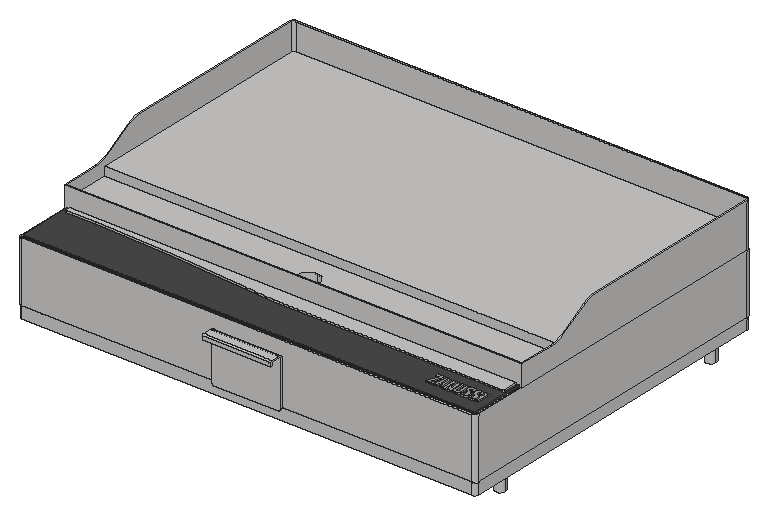
Revit family "QF_ZANUSSI_602351_Z1IREDOMES", category Specialty Equipment, Revit 2023
Family settings
  Round Connector Dimension = Use Diameter
  Part Type = Normal
  Work Plane-Based = No
  Enable Cutting in Views = No
  Always vertical = Yes
  Cut with Voids When Loaded = No
  Maintain Annotation Orientation = No
  Shared = No
  Room Calculation Point = No
Parameters
  Weight = 48.00 kg
  Watts = 0 W
  Volts = 380 V
  URL Manufacturer = "http://www.zanussiprofessional.com"
  URL = "http://www.zanussiprofessional.com"
  Steam Supply Size = 0 mm
  Steam Supply Minimum Pressure = 0.0 Pa
  Steam Supply Maximum Pressure = 0.0 Pa
  Steam Pounds per Hour = 0
  Show Logo [instance] = yes
  Manufacturer = "Zanussi"
  Phase = 3
  Model = "Z1IREDOMES"
  Length Actual = 800 mm
  Item Number = "602351"
  Hot Water Size = 0 mm
  Height Actual = 227 mm
  HP = "9.4 HP"
  Gas Size = 0 mm
  Gas KW = 0
  Direct Waste Size = 0 mm
  Description = "PLUG-IN INDUCTION GRIDDLE XL, STAINLESS STEEL SMOOTH PLATE - 3-PHASE"
  Depth Actual = 600 mm
  Default Elevation = 0 mm
  Cycle = 50 Hz
  Condensate Return Size = 0 mm
  Compressed Air Volume = 0.0 L/s
  Compressed Air Size = 0 mm
  Compressed Air Pressure = 0.0 Pa
  Cold Water Size = 0 mm
  Accessory = no
Reference planes
  plane 1 "Centro (Fronte/Retro)": y = 74.737
  plane 2: z = 0
  plane 3: x = -514.269
  plane 4 "LEFT": x = -914.269
  plane 5 "RIGHT": x = -114.269
  plane 6 "BACK": y = 374.737
  plane 7 "FRONT": y = -225.263
  plane 8: x = -912.269
  plane 9: y = 372.737
  plane 10: x = -116.269
  plane 11: y = -223.263
  plane 12: y = -124.263
  plane 13: x = -901.269
  plane 14: x = -127.269
  plane 15: y = 304.737
  plane 16: y = -155.263
  plane 17: x = -514.269
  plane 18: y = 146.737
  plane 19: z = 764
Forms (mm)
  Extrusion 1, solid, material "QF_Finishes_Stainless Steel"
    sketch origin (0, 0, 788) x (1, 0, 0) y (0, 1, 0)
      loop
        arc (-907.269, 374.737) -> (-912.218, 372.687) -> (-914.269, 367.737) r 7
        line (-914.269, 367.737) -> (-914.269, -218.263)
        arc (-914.269, -218.263) -> (-912.218, -223.213) -> (-907.269, -225.263) r 7
        line (-907.269, -225.263) -> (-121.269, -225.263)
        arc (-121.269, -225.263) -> (-116.319, -223.213) -> (-114.269, -218.263) r 7
        line (-114.269, -218.263) -> (-114.269, 367.737)
        arc (-114.269, 367.737) -> (-116.319, 372.687) -> (-121.269, 374.737) r 7
        line (-121.269, 374.737) -> (-907.269, 374.737)
    from 0 to 20
  Extrusion 2, solid, material "QF_Finishes_Stainless Steel"
    sketch origin (0, 0, 788) x (1, 0, 0) y (0, 1, 0)
      loop
        line (-121.269, 374.737) -> (-907.269, 374.737)
        arc (-907.269, 374.737) -> (-912.218, 372.687) -> (-914.269, 367.737) r 7
        line (-914.269, 367.737) -> (-914.269, -218.263)
        arc (-914.269, -218.263) -> (-912.218, -223.213) -> (-907.269, -225.263) r 7
        line (-907.269, -225.263) -> (-121.269, -225.263)
        arc (-121.269, -225.263) -> (-116.319, -223.213) -> (-114.269, -218.263) r 7
        line (-114.269, -218.263) -> (-114.269, 367.737)
        arc (-114.269, 367.737) -> (-116.319, 372.687) -> (-121.269, 374.737) r 7
      loop
        arc (-907.269, 372.737) -> (-910.804, 371.273) -> (-912.269, 367.737) r 5
        line (-912.269, 367.737) -> (-912.269, -218.263)
        arc (-912.269, -218.263) -> (-910.804, -221.798) -> (-907.269, -223.263) r 5
        line (-907.269, -223.263) -> (-121.269, -223.263)
        arc (-121.269, -223.263) -> (-117.733, -221.798) -> (-116.269, -218.263) r 5
        line (-116.269, -218.263) -> (-116.269, 367.737)
        arc (-116.269, 367.737) -> (-117.733, 371.273) -> (-121.269, 372.737) r 5
        line (-121.269, 372.737) -> (-907.269, 372.737)
    from 20 to 126
  Extrusion 3, solid, material "QF_Finishes_Black"
    sketch origin (0, 0, 914) x (-1, 0, 0) y (0, -1, 0)
      loop
        line (909.269, 124.263) -> (909.269, 218.263)
        arc (909.269, 218.263) -> (908.683, 219.677) -> (907.269, 220.263) r 2
        line (907.269, 220.263) -> (121.269, 220.263)
        arc (121.269, 220.263) -> (119.854, 219.677) -> (119.269, 218.263) r 2
        line (119.269, 218.263) -> (119.269, 124.263) -> (909.269, 124.263)
    from 0 to 2
  Extrusion 4, solid, material "QF_Finishes_Stainless Steel"
    sketch origin (0, 0, 140) x (-1, 0, 0) y (0, -1, 0)
      loop
        circle (901.269, -304.737) r 9
      loop
        circle (127.269, -304.737) r 9
      loop
        circle (901.269, 155.263) r 9
      loop
        circle (127.269, 155.263) r 9
    from 624 to 648
  Extrusion 5, solid, material "QF_Finishes_Stainless Steel"
    sketch origin (0, 0, 140) x (-1, 0, 0) y (0, -1, 0)
      loop
        circle (514.269, -146.737) r 10
    from 638.028 to 648
  Extrusion 6, solid, material "QF_Finishes_Stainless Steel"
    sketch origin (0, 0, 140) x (-1, 0, 0) y (0, -1, 0)
      loop
        line (121.269, -374.737) -> (907.269, -374.737)
        arc (907.269, -374.737) -> (912.218, -372.687) -> (914.269, -367.737) r 7
        line (914.269, -367.737) -> (914.269, 124.263) -> (114.269, 124.263) -> (114.269, -367.737)
        arc (114.269, -367.737) -> (116.319, -372.687) -> (121.269, -374.737) r 7
      loop
        line (912.269, 122.263) -> (116.269, 122.263) -> (116.269, -367.737)
        arc (116.269, -367.737) -> (117.733, -371.273) -> (121.269, -372.737) r 5
        line (121.269, -372.737) -> (907.269, -372.737)
        arc (907.269, -372.737) -> (910.804, -371.273) -> (912.269, -367.737) r 5
        line (912.269, -367.737) -> (912.269, 122.263)
    from 774 to 851
  Extrusion 7, void
    sketch origin (-914.269, 367.737, 140) x (0, 1, 0) y (0, 0, 1)
      loop
        line (-492, 851) -> (-492, 811) -> (-425.278, 811)
        arc (-425.278, 811) -> (-412.445, 812.675) -> (-400.471, 817.588) r 50
        line (-400.471, 817.588) -> (-353.529, 844.412)
        arc (-353.529, 844.412) -> (-341.555, 849.325) -> (-328.722, 851) r 50
        line (-328.722, 851) -> (-492, 851)
    from 0 to 800
  Extrusion 8, solid, material "QF_Finishes_Stainless Steel"
    sketch origin (0, 0, 140) x (-1, 0, 0) y (0, -1, 0)
      loop
        line (912.269, -367.737) -> (912.269, 40.263) -> (116.269, 40.263) -> (116.269, -367.737)
        arc (116.269, -367.737) -> (117.733, -371.273) -> (121.269, -372.737) r 5
        line (121.269, -372.737) -> (907.269, -372.737)
        arc (907.269, -372.737) -> (910.804, -371.273) -> (912.269, -367.737) r 5
    from 774 to 804.06
  Extrusion 9, solid, material "QF_Finishes_Stainless Steel"
    sketch origin (0, 0, 140) x (-1, 0, 0) y (0, -1, 0)
      loop
        line (912.269, 40.263) -> (912.269, 122.263) -> (116.269, 122.263) -> (116.269, 40.263) -> (912.269, 40.263)
    from 774 to 789
  Extrusion 10, solid, material "QF_Finishes_Stainless Steel"
    sketch origin (-574.269, 367.737, 788) x (0, -1, 0) y (0, 0, 1)
      loop
        line (593, 14) -> (594.5, 14) -> (594.5, 99)
        arc (594.5, 99) -> (594.939, 100.061) -> (596, 100.5) r 1.5
        line (596, 100.5) -> (612, 100.5)
        arc (612, 100.5) -> (613.061, 100.061) -> (613.5, 99) r 1.5
        line (613.5, 99) -> (613.5, 94) -> (615, 94) -> (615, 99)
        arc (615, 99) -> (614.121, 101.121) -> (612, 102) r 3
        line (612, 102) -> (596, 102)
        arc (596, 102) -> (593.879, 101.121) -> (593, 99) r 3
        line (593, 99) -> (593, 14)
    from 0 to -120
  Extrusion 11, void
    sketch origin (-574.269, -226.763, 802) x (0, 0, 1) y (1, 0, 0)
      loop
        arc (4, 0) -> (1.172, 1.172) -> (0, 4) r 4
        line (0, 4) -> (0, 0) -> (4, 0)
      loop
        line (4, 120) -> (0, 120) -> (0, 116)
        arc (0, 116) -> (1.172, 118.828) -> (4, 120) r 4
    from 1.5 to 0
  Extrusion 12, void
    sketch origin (-574.269, -247.263, 890) x (0, 0, 1) y (1, 0, 0)
      loop
        arc (-4, 0) -> (-6.828, 1.172) -> (-8, 4) r 4
        line (-8, 4) -> (-8, 0) -> (-4, 0)
      loop
        line (-4, 120) -> (-8, 120) -> (-8, 116)
        arc (-8, 116) -> (-6.828, 118.828) -> (-4, 120) r 4
    from 0 to 1.5
  Extrusion 13, void
    sketch origin (353.267, 0, 929) x (0, -1, 0) y (-1, 0, 0)
      loop
        circle (91.263, 867.536) r 19
    from 0 to 71.307
  Extrusion 14, solid, material "QF_Finishes_Stainless Steel"
    sketch origin (-200, 0, 914) x (-1, 0, 0) y (0, -1, 0)
      loop
        arc (702.769, 124.263) -> (703.829, 124.702) -> (704.269, 125.763) r 1.5
        line (704.269, 125.763) -> (704.269, 132.763)
        arc (704.269, 132.763) -> (703.829, 133.824) -> (702.769, 134.263) r 1.5
        line (702.769, 134.263) -> (651.769, 134.263)
        arc (651.769, 134.263) -> (582.973, 135.513) -> (514.269, 139.263) r 1893.125
        arc (514.269, 139.263) -> (420.209, 148.26) -> (325.769, 151.263) r 1486.51
        line (325.769, 151.263) -> (-74.231, 151.263)
        arc (-74.231, 151.263) -> (-75.292, 150.824) -> (-75.731, 149.763) r 1.5
        line (-75.731, 149.763) -> (-75.731, 125.763)
        arc (-75.731, 125.763) -> (-75.292, 124.702) -> (-74.231, 124.263) r 1.5
        line (-74.231, 124.263) -> (702.769, 124.263)
    from 2 to 5
Cuts and joins
  Extrusion 7 cuts Extrusion 6
  Extrusion 11 cuts Extrusion 1
  Extrusion 11 cuts Extrusion 10
  Extrusion 13 cuts Extrusion 9
Lines and regions (mm)
  symbolic lines
    curve 1: line (-121.269, 374.737, 126) -> (-907.269, 374.737, 126)
    curve 2: arc (-907.269, 374.737, 126) -> (-912.218, 372.687, 126) -> (-914.269, 367.737, 126) r 7
    curve 3: line (-914.269, 367.737, 126) -> (-914.269, -218.263, 126)
    curve 4: arc (-914.269, -218.263, 126) -> (-912.218, -223.213, 126) -> (-907.269, -225.263, 126) r 7
    curve 5: line (-907.269, -225.263, 126) -> (-121.269, -225.263, 126)
    curve 6: arc (-121.269, -225.263, 126) -> (-116.319, -223.213, 126) -> (-114.269, -218.263, 126) r 7
    curve 7: line (-114.269, -218.263, 126) -> (-114.269, 367.737, 126)
    curve 8: arc (-114.269, 367.737, 126) -> (-116.319, 372.687, 126) -> (-121.269, 374.737, 126) r 7
    curve 9: line (-907.269, 372.737, 126) -> (-121.269, 372.737, 126)
    curve 10: arc (-121.269, 372.737, 126) -> (-117.733, 371.273, 126) -> (-116.269, 367.737, 126) r 5
    curve 11: line (-116.269, 367.737, 126) -> (-116.269, -218.263, 126)
    curve 12: arc (-116.269, -218.263, 126) -> (-117.733, -221.798, 126) -> (-121.269, -223.263, 126) r 5
    curve 13: line (-121.269, -223.263, 126) -> (-907.269, -223.263, 126)
    curve 14: arc (-907.269, -223.263, 126) -> (-910.804, -221.798, 126) -> (-912.269, -218.263, 126) r 5
    curve 15: line (-912.269, -218.263, 126) -> (-912.269, 367.737, 126)
    curve 16: arc (-912.269, 367.737, 126) -> (-910.804, 371.273, 126) -> (-907.269, 372.737, 126) r 5
    curve 17: line (-119.269, -218.263, 126) -> (-119.269, -124.263, 126)
    curve 18: line (-909.269, -124.263, 126) -> (-909.269, -218.263, 126)
    curve 19: arc (-909.269, -218.263, 126) -> (-908.683, -219.677, 126) -> (-907.269, -220.263, 126) r 2
    curve 20: line (-907.269, -220.263, 126) -> (-121.269, -220.263, 126)
    curve 21: arc (-121.269, -220.263, 126) -> (-119.854, -219.677, 126) -> (-119.269, -218.263, 126) r 2
    curve 22: line (-909.269, -124.263, 0) -> (-119.269, -124.263, 0)
    curve 23: line (-912.269, -40.263, 126) -> (-116.269, -40.263, 126)
    curve 24: arc (-514.269, -110.263, 126) -> (-533.269, -91.263, 126) -> (-514.269, -72.263, 126) r 19
    curve 25: arc (-514.269, -72.263, 126) -> (-495.269, -91.263, 126) -> (-514.269, -110.263, 126) r 19
    curve 26: line (-116.269, -122.263, 126) -> (-912.269, -122.263, 126)
    curve 27: line (-574.269, -225.263, 126) -> (-574.269, -247.263, 126)
    curve 28: line (-574.269, -247.263, 126) -> (-454.269, -247.263, 126)
    curve 29: line (-454.269, -247.263, 126) -> (-454.269, -225.263, 126)
    curve 30: arc (-714.269, -139.263, 126) -> (-620.209, -148.26, 126) -> (-525.769, -151.263, 126) r 1486.51
    curve 31: line (-525.769, -151.263, 126) -> (-125.769, -151.263, 126)
    curve 32: arc (-851.769, -134.263, 126) -> (-782.973, -135.513, 126) -> (-714.269, -139.263, 126) r 1893.125
    curve 33: line (-902.769, -134.263, 126) -> (-851.769, -134.263, 126)
    curve 34: arc (-904.269, -132.763, 126) -> (-903.829, -133.824, 126) -> (-902.769, -134.263, 126) r 1.5
    curve 35: line (-904.269, -125.763, 126) -> (-904.269, -132.763, 126)
    curve 36: arc (-902.769, -124.263, 126) -> (-903.829, -124.702, 126) -> (-904.269, -125.763, 126) r 1.5
    curve 37: arc (-125.769, -151.263, 126) -> (-124.708, -150.824, 126) -> (-124.269, -149.763, 126) r 1.5
    curve 38: line (-124.269, -149.763, 126) -> (-124.269, -125.763, 126)
    curve 39: arc (-124.269, -125.763, 126) -> (-124.708, -124.702, 126) -> (-125.769, -124.263, 126) r 1.5
    curve 40: line (-223.54, -176.753, 126) -> (-217.083, -176.613, 126)
    curve 41: line (-217.083, -176.613, 126) -> (-224.101, -191.352, 126)
    curve 42: line (-224.101, -191.352, 126) -> (-224.101, -196.265, 126)
    curve 43: line (-224.101, -196.265, 126) -> (-211.327, -196.265, 126)
    curve 44: line (-211.327, -196.265, 126) -> (-211.327, -191.352, 126)
    curve 45: line (-211.327, -191.352, 126) -> (-218.696, -191.352, 126)
    curve 46: line (-218.696, -191.352, 126) -> (-211.327, -176.332, 126)
    curve 47: line (-211.327, -176.332, 126) -> (-211.327, -172.261, 126)
    curve 48: line (-211.327, -172.261, 126) -> (-223.54, -172.261, 126)
    curve 49: line (-223.54, -172.261, 126) -> (-223.54, -176.753, 126)
    curve 50: line (-199.957, -172.261, 126) -> (-206.695, -172.261, 126)
    curve 51: line (-206.695, -172.261, 126) -> (-211.327, -196.265, 126)
    curve 52: line (-211.327, -196.265, 126) -> (-205.993, -196.265, 126)
    curve 53: line (-205.993, -196.265, 126) -> (-205.291, -191.633, 126)
    curve 54: line (-205.291, -191.633, 126) -> (-201.221, -191.633, 126)
    curve 55: line (-201.221, -191.633, 126) -> (-200.519, -196.265, 126)
    curve 56: line (-200.519, -196.265, 126) -> (-195.465, -196.265, 126)
    curve 57: line (-195.465, -196.265, 126) -> (-199.957, -172.261, 126)
    curve 58: line (-204.73, -187.281, 126) -> (-203.326, -176.364, 126)
    curve 59: line (-203.326, -176.364, 126) -> (-201.922, -187.281, 126)
    curve 60: line (-201.922, -187.281, 126) -> (-204.73, -187.281, 126)
    curve 61: line (-195.465, -172.261, 126) -> (-195.465, -196.265, 126)
    curve 62: line (-195.465, -196.265, 126) -> (-190.833, -196.265, 126)
    curve 63: line (-190.833, -196.265, 126) -> (-190.833, -180.403, 126)
    curve 64: line (-190.833, -180.403, 126) -> (-186.762, -196.265, 126)
    curve 65: line (-186.762, -196.265, 126) -> (-181.428, -196.265, 126)
    curve 66: line (-181.428, -196.265, 126) -> (-181.428, -172.261, 126)
    curve 67: line (-181.428, -172.261, 126) -> (-185.92, -172.261, 126)
    curve 68: line (-185.92, -172.261, 126) -> (-185.92, -187.562, 126)
    curve 69: line (-185.92, -187.562, 126) -> (-189.991, -172.261, 126)
    curve 70: line (-189.991, -172.261, 126) -> (-195.465, -172.261, 126)
    curve 71: line (-180.305, -172.261, 126) -> (-180.305, -188.404, 126)
    curve 72: line (-180.305, -188.404, 126) -> (-180.024, -192.334, 126)
    curve 73: line (-180.024, -192.334, 126) -> (-179.603, -193.317, 126)
    curve 74: line (-179.603, -193.317, 126) -> (-178.62, -194.58, 126)
    curve 75: line (-178.62, -194.58, 126) -> (-177.638, -195.282, 126)
    curve 76: line (-177.638, -195.282, 126) -> (-175.672, -196.124, 126)
    curve 77: line (-175.672, -196.124, 126) -> (-174.69, -196.265, 126)
    curve 78: line (-174.69, -196.265, 126) -> (-172.444, -196.265, 126)
    curve 79: line (-172.444, -196.265, 126) -> (-171.321, -195.984, 126)
    curve 80: line (-171.321, -195.984, 126) -> (-169.636, -195.001, 126)
    curve 81: line (-169.636, -195.001, 126) -> (-167.671, -192.194, 126)
    curve 82: line (-167.671, -192.194, 126) -> (-167.531, -191.211, 126)
    curve 83: line (-167.531, -191.211, 126) -> (-167.531, -172.261, 126)
    curve 84: line (-167.531, -172.261, 126) -> (-172.444, -172.261, 126)
    curve 85: line (-172.444, -172.261, 126) -> (-172.444, -190.088, 126)
    curve 86: line (-172.444, -190.088, 126) -> (-173.005, -191.352, 126)
    curve 87: line (-173.005, -191.352, 126) -> (-174.55, -191.492, 126)
    curve 88: line (-174.55, -191.492, 126) -> (-175.392, -190.509, 126)
    curve 89: line (-175.392, -190.509, 126) -> (-175.392, -172.261, 126)
    curve 90: line (-175.392, -172.261, 126) -> (-180.305, -172.261, 126)
    curve 91: line (-155.038, -184.895, 126) -> (-160.653, -179.841, 126)
    curve 92: line (-160.653, -179.841, 126) -> (-161.354, -178.999, 126)
    curve 93: line (-161.354, -178.999, 126) -> (-161.635, -176.753, 126)
    curve 94: line (-161.635, -176.753, 126) -> (-159.951, -175.911, 126)
    curve 95: line (-159.951, -175.911, 126) -> (-158.547, -176.893, 126)
    curve 96: line (-158.547, -176.893, 126) -> (-158.407, -179.841, 126)
    curve 97: line (-158.407, -179.841, 126) -> (-153.774, -179.841, 126)
    curve 98: line (-153.774, -179.841, 126) -> (-154.055, -175.068, 126)
    curve 99: line (-154.055, -175.068, 126) -> (-157.003, -172.401, 126)
    curve 100: line (-157.003, -172.401, 126) -> (-165.144, -173.805, 126)
    curve 101: line (-165.144, -173.805, 126) -> (-166.127, -180.824, 126)
    curve 102: line (-166.127, -180.824, 126) -> (-163.881, -184.052, 126)
    curve 103: line (-163.881, -184.052, 126) -> (-161.495, -186.158, 126)
    curve 104: line (-161.495, -186.158, 126) -> (-158.547, -189.106, 126)
    curve 105: line (-158.547, -189.106, 126) -> (-159.108, -191.773, 126)
    curve 106: line (-159.108, -191.773, 126) -> (-160.933, -191.913, 126)
    curve 107: line (-160.933, -191.913, 126) -> (-161.916, -187.842, 126)
    curve 108: line (-161.916, -187.842, 126) -> (-166.829, -187.842, 126)
    curve 109: line (-166.829, -187.842, 126) -> (-165.425, -194.44, 126)
    curve 110: line (-165.425, -194.44, 126) -> (-159.249, -196.265, 126)
    curve 111: line (-159.249, -196.265, 126) -> (-153.634, -192.334, 126)
    curve 112: line (-153.634, -192.334, 126) -> (-155.038, -184.895, 126)
    curve 113: line (-141.141, -184.754, 126) -> (-147.036, -179.42, 126)
    curve 114: line (-147.036, -179.42, 126) -> (-147.738, -177.595, 126)
    curve 115: line (-147.738, -177.595, 126) -> (-147.177, -176.191, 126)
    curve 116: line (-147.177, -176.191, 126) -> (-145.913, -175.911, 126)
    curve 117: line (-145.913, -175.911, 126) -> (-144.51, -176.893, 126)
    curve 118: line (-144.51, -176.893, 126) -> (-144.369, -179.701, 126)
    curve 119: line (-144.369, -179.701, 126) -> (-139.597, -179.841, 126)
    curve 120: line (-139.597, -179.841, 126) -> (-140.158, -174.928, 126)
    curve 121: line (-140.158, -174.928, 126) -> (-147.598, -171.98, 126)
    curve 122: line (-147.598, -171.98, 126) -> (-152.09, -175.63, 126)
    curve 123: line (-152.09, -175.63, 126) -> (-150.826, -182.929, 126)
    curve 124: line (-150.826, -182.929, 126) -> (-145.633, -187.562, 126)
    curve 125: line (-145.633, -187.562, 126) -> (-144.51, -189.246, 126)
    curve 126: line (-144.51, -189.246, 126) -> (-144.931, -191.773, 126)
    curve 127: line (-144.931, -191.773, 126) -> (-146.335, -192.054, 126)
    curve 128: line (-146.335, -192.054, 126) -> (-147.878, -187.702, 126)
    curve 129: line (-147.878, -187.702, 126) -> (-152.792, -187.842, 126)
    curve 130: line (-152.792, -187.842, 126) -> (-150.967, -194.721, 126)
    curve 131: line (-150.967, -194.721, 126) -> (-142.966, -195.703, 126)
    curve 132: line (-142.966, -195.703, 126) -> (-139.877, -192.896, 126)
    curve 133: line (-139.877, -192.896, 126) -> (-141.141, -184.754, 126)
    curve 134: line (-133.841, -196.265, 126) -> (-133.841, -172.261, 126)
    curve 135: line (-133.841, -172.261, 126) -> (-138.754, -172.261, 126)
    curve 136: line (-138.754, -172.261, 126) -> (-138.754, -196.265, 126)
    curve 137: line (-138.754, -196.265, 126) -> (-133.841, -196.265, 126)
Dimensions and locks
  equal spacing: plane 4 "LEFT", plane 3, plane 5 "RIGHT"
  plane 4 "LEFT" to plane 5 "RIGHT" = 800 mm
  equal spacing: plane 6 "BACK", plane 1 "Centro (Fronte/Retro)", plane 7 "FRONT"
  plane 6 "BACK" to plane 7 "FRONT" = 600 mm
  locked: plane 4 "LEFT" to plane 13 at 13
  locked: plane 14 to plane 5 "RIGHT" at 13
  locked: plane 6 "BACK" to plane 15 at 70
  locked: plane 16 to plane 7 "FRONT" at 70
  plane 17 to plane 5 "RIGHT" = 400 mm
  plane 6 "BACK" to plane 18 = 228 mm
  locked: plane 10 to plane 5 "RIGHT" at 2
  locked: plane 11 to plane 7 "FRONT" at 2
  locked: plane 4 "LEFT" to plane 8 at 2
  plane 19 to level = 764 mm
  aligned and locked: level to plane 2
Automatic sketch dimensions
  curve 22 to plane 12 = 0 mm
  plane 8 to curve 22 = 3 mm
  curve 22 to plane 10 = 3 mm
  curve 2 to curve 16 = 0 mm  (x2)
  curve 4 to curve 14 = 0 mm  (x2)
  curve 4 to curve 19 = 0 mm  (x2)
  curve 6 to curve 12 = 0 mm  (x2)
  curve 6 to curve 21 = 0 mm  (x2)
  curve 8 to curve 10 = 0 mm  (x2)
  curve 12 to curve 21 = 0 mm  (x2)
  curve 14 to curve 19 = 0 mm  (x2)
  curve 24 to curve 25 = 0 mm  (x2)
  curve 6 to plane 5 "RIGHT" = 0 mm
  curve 12 to plane 10 = 0 mm
  curve 17 to plane 12 = 0 mm
  curve 5 to plane 7 "FRONT" = 0 mm
  curve 8 to plane 6 "BACK" = 0 mm
  curve 39 to plane 12 = 0 mm
  curve 25 to plane 3 = 0 mm
  curve 36 to plane 12 = 0 mm
  curve 18 to plane 12 = 0 mm
  curve 23 to plane 8 = 0 mm
  curve 11 to curve 17 = 3 mm
  curve 17 to curve 6 = 2 mm
  curve 8 to plane 9 = 5 mm
  plane 14 to curve 38 = 3 mm
  plane 14 to curve 31 = 1.5 mm
  curve 39 to curve 39 = 1.5 mm
  curve 134 to plane 14 = 6.573 mm
  curve 134 to curve 137 = 4.913 mm
  curve 135 to curve 119 = 0.842 mm
  curve 136 to curve 132 = 1.123 mm
  curve 135 to curve 121 = 1.404 mm
  curve 119 to curve 133 = 1.544 mm
  curve 132 to curve 131 = 3.088 mm
  curve 119 to curve 118 = 4.773 mm
  curve 118 to curve 118 = 0.141 mm
  curve 113 to curve 125 = 3.369 mm
  curve 125 to curve 127 = 0.421 mm
  curve 125 to curve 124 = 1.123 mm
  curve 117 to curve 116 = 1.404 mm
  curve 126 to curve 128 = 1.404 mm
  curve 118 to curve 113 = 2.667 mm
  curve 116 to curve 115 = 1.263 mm
  curve 115 to curve 122 = 0.421 mm
  curve 115 to curve 114 = 0.562 mm
  curve 124 to curve 128 = 2.246 mm
  curve 113 to curve 124 = 3.79 mm
  curve 127 to curve 131 = 4.632 mm
  curve 114 to curve 123 = 4.352 mm
  curve 128 to curve 130 = 4.913 mm
  curve 130 to curve 111 = 2.667 mm
  curve 123 to curve 97 = 2.948 mm
  curve 122 to curve 98 = 1.965 mm
  curve 129 to curve 112 = 2.246 mm
  curve 98 to curve 99 = 2.948 mm
  curve 97 to curve 96 = 4.632 mm
  curve 96 to curve 95 = 0.14 mm
  curve 91 to curve 104 = 3.509 mm
  curve 104 to curve 106 = 0.562 mm
  curve 105 to curve 110 = 0.14 mm
  curve 95 to curve 94 = 1.404 mm
  curve 96 to curve 92 = 2.246 mm
  curve 105 to curve 107 = 1.825 mm
  curve 91 to curve 92 = 0.702 mm
  curve 104 to curve 104 = 2.948 mm
  curve 94 to curve 93 = 1.684 mm
  curve 103 to curve 108 = 0.421 mm
  curve 103 to curve 103 = 2.386 mm
  curve 101 to plane 16 = 18.542 mm
  curve 93 to curve 101 = 3.509 mm
  curve 106 to curve 109 = 4.492 mm
  curve 102 to curve 101 = 2.246 mm
  curve 102 to curve 109 = 2.948 mm
  curve 100 to curve 83 = 2.386 mm
  curve 82 to curve 82 = 0.14 mm
  curve 81 to curve 80 = 1.965 mm
  curve 80 to curve 79 = 1.685 mm
  curve 82 to curve 85 = 4.913 mm
  curve 79 to curve 78 = 1.123 mm
  curve 85 to curve 86 = 0.561 mm
  curve 86 to curve 88 = 1.544 mm
  curve 78 to curve 77 = 2.246 mm
  curve 84 to curve 89 = 2.948 mm
  curve 77 to curve 76 = 0.982 mm
  curve 76 to curve 75 = 1.965 mm
  curve 75 to curve 74 = 0.983 mm
  curve 74 to curve 74 = 0.983 mm
  curve 73 to curve 73 = 0.421 mm
  curve 89 to curve 90 = 4.913 mm
  curve 74 to curve 66 = 2.808 mm
  curve 66 to curve 67 = 4.492 mm
  plane 11 to curve 64 = 26.998 mm
  curve 65 to curve 64 = 5.334 mm
  curve 67 to curve 70 = 4.071 mm
  curve 69 to curve 63 = 0.842 mm
  curve 62 to curve 56 = 4.632 mm
  curve 57 to plane 16 = 16.998 mm
  curve 61 to curve 57 = 4.492 mm
  plane 11 to curve 55 = 26.998 mm
  curve 56 to curve 55 = 5.053 mm
  plane 11 to curve 55 = 31.63 mm
  curve 55 to curve 55 = 0.702 mm
  curve 59 to plane 16 = 32.018 mm
  curve 54 to curve 59 = 0.702 mm
  curve 58 to plane 16 = 21.101 mm
  curve 50 to curve 58 = 3.369 mm
  curve 59 to curve 58 = 2.807 mm
  curve 54 to curve 53 = 4.071 mm
  plane 11 to curve 53 = 26.998 mm
  curve 53 to curve 53 = 0.702 mm
  curve 58 to curve 51 = 3.369 mm
  curve 52 to curve 51 = 5.334 mm
  curve 46 to plane 16 = 21.069 mm
  curve 50 to curve 46 = 4.632 mm
  curve 40 to plane 16 = 21.35 mm
  curve 46 to curve 40 = 5.755 mm
  plane 11 to curve 46 = 31.911 mm
  curve 44 to curve 46 = 7.368 mm
  curve 40 to curve 48 = 6.457 mm
  plane 11 to curve 41 = 31.911 mm
  curve 45 to curve 41 = 5.406 mm
  curve 29 to plane 7 "FRONT" = 22 mm
  plane 3 to curve 29 = 60 mm
  curve 30 to plane 3 = 11.5 mm
  curve 27 to plane 3 = 60 mm
  curve 33 to plane 12 = 10 mm
  plane 13 to curve 33 = 49.5 mm
  curve 34 to plane 13 = 1.5 mm
  curve 36 to plane 13 = 1.5 mm
  curve 34 to curve 35 = 1.5 mm
  plane 8 to curve 9 = 5 mm
  plane 8 to curve 13 = 5 mm
  plane 6 "BACK" to curve 30 = 960.51 mm
  plane 12 to curve 25 = 33 mm
  curve 38 to curve 38 = 24 mm
  curve 122 to plane 16 = 16.717 mm
  curve 121 to curve 136 = 0.281 mm
  curve 50 to curve 61 = 0 mm
  curve 69 to curve 66 = 0 mm
  curve 66 to curve 90 = 0 mm
  curve 49 to curve 40 = 4.352 mm
  curve 83 to curve 100 = 1.544 mm
  curve 99 to curve 100 = 1.404 mm
  curve 135 to curve 120 = 2.667 mm
  curve 99 to curve 99 = 2.667 mm
  curve 98 to curve 123 = 0.561 mm
  curve 121 to curve 116 = 3.93 mm
  curve 99 to curve 94 = 3.509 mm
  curve 116 to curve 116 = 0.281 mm
  curve 94 to curve 94 = 0.842 mm
  curve 48 to curve 49 = 4.492 mm
  curve 116 to curve 117 = 0.983 mm
  curve 94 to curve 96 = 0.983 mm
  curve 115 to curve 115 = 1.404 mm
  curve 93 to curve 92 = 2.246 mm
  curve 114 to curve 114 = 1.825 mm
  curve 113 to curve 119 = 0.281 mm
  curve 118 to curve 119 = 0.14 mm
  curve 122 to curve 98 = 4.211 mm
  curve 92 to curve 91 = 0.842 mm
  curve 69 to curve 63 = 8.142 mm
  curve 92 to curve 102 = 1.825 mm
  curve 97 to curve 123 = 3.088 mm
  curve 101 to curve 103 = 3.228 mm
  curve 119 to curve 113 = 4.913 mm
  curve 123 to curve 112 = 1.965 mm
  curve 102 to curve 104 = 2.106 mm
  curve 63 to curve 69 = 7.159 mm
  curve 113 to curve 125 = 2.807 mm
  curve 124 to curve 129 = 0.14 mm
  curve 102 to curve 108 = 3.79 mm
  curve 91 to curve 130 = 2.948 mm
  curve 68 to curve 72 = 0.842 mm
  curve 107 to curve 105 = 1.264 mm
  curve 124 to curve 126 = 1.685 mm
  curve 108 to curve 86 = 2.246 mm
  curve 85 to curve 88 = 0.421 mm
  curve 108 to curve 83 = 3.369 mm
  curve 85 to curve 87 = 1.263 mm
  curve 88 to curve 88 = 0.983 mm
  curve 125 to curve 127 = 2.527 mm
  curve 104 to curve 106 = 2.667 mm
  curve 105 to curve 106 = 0.14 mm
  curve 126 to curve 128 = 0.281 mm
  curve 82 to curve 81 = 0.982 mm
  curve 129 to curve 111 = 4.492 mm
  curve 71 to curve 73 = 3.93 mm
  curve 126 to curve 133 = 1.123 mm
  curve 72 to curve 73 = 0.983 mm
  curve 81 to curve 110 = 2.246 mm
  curve 73 to curve 75 = 1.263 mm
  curve 111 to curve 130 = 2.386 mm
  curve 81 to curve 80 = 2.808 mm
  curve 74 to curve 75 = 0.702 mm
  curve 132 to curve 131 = 2.807 mm
  curve 80 to curve 80 = 0.983 mm
  curve 75 to curve 76 = 0.842 mm
  curve 105 to curve 110 = 4.492 mm
  curve 76 to curve 77 = 0.14 mm
  curve 132 to curve 134 = 3.369 mm
  curve 27 to curve 32 = 1780.125 mm
  plane 12 to curve 23 = 84 mm
  curve 24 to curve 24 = 19 mm
  plane 12 to curve 26 = 2 mm
  Extrusion 1 sketch curve to plane 4 "LEFT" = 0 mm
  Extrusion 1 sketch curve to plane 7 "FRONT" = 0 mm
  Extrusion 1 sketch curve to plane 6 "BACK" = 0 mm
  Extrusion 1 sketch curve to plane 5 "RIGHT" = 0 mm
  plane 8 to Extrusion 1 sketch curve = 5 mm  (x2)
  Extrusion 1 sketch curve to plane 10 = 5 mm  (x2)
  Extrusion 2 sketch curve to Extrusion 2 sketch curve = 0 mm  (x8)
  Extrusion 2 sketch curve to plane 4 "LEFT" = 0 mm
  Extrusion 2 sketch curve to plane 8 = 0 mm
  Extrusion 2 sketch curve to plane 6 "BACK" = 0 mm
  Extrusion 2 sketch curve to plane 7 "FRONT" = 0 mm
  Extrusion 2 sketch curve to plane 10 = 0 mm
  Extrusion 2 sketch curve to Extrusion 2 sketch curve = 5 mm  (x2)
  Extrusion 2 sketch curve to plane 10 = 5 mm  (x2)
  Extrusion 3 sketch curve to plane 12 = 0 mm
  Extrusion 3 sketch curve to plane 10 = 3 mm
  Extrusion 3 sketch curve to Extrusion 3 sketch curve = 2 mm  (x2)
  plane 8 to Extrusion 3 sketch curve = 5 mm
  plane 11 to Extrusion 3 sketch curve = 5 mm
  Extrusion 4 sketch curve to plane 14 = 0 mm  (x2)
  Extrusion 4 sketch curve to plane 13 = 0 mm  (x2)
  plane 15 to Extrusion 4 sketch curve = 0 mm
  Extrusion 4 sketch curve to plane 15 = 0 mm
  plane 16 to Extrusion 4 sketch curve = 0 mm
  Extrusion 4 sketch curve to plane 16 = 0 mm
  Extrusion 5 sketch curve to plane 3 = 0 mm
  Extrusion 5 sketch curve to plane 18 = 0 mm
  Extrusion 6 sketch curve to Extrusion 6 sketch curve = 0 mm  (x4)
  Extrusion 6 sketch curve to plane 5 "RIGHT" = 0 mm
  Extrusion 6 sketch curve to plane 10 = 0 mm
  Extrusion 6 sketch curve to plane 9 = 0 mm
  Extrusion 6 sketch curve to plane 8 = 0 mm
  Extrusion 6 sketch curve to plane 12 = 0 mm
  Extrusion 6 sketch curve to Extrusion 6 sketch curve = 5 mm
  plane 8 to Extrusion 6 sketch curve = 5 mm
  plane 12 to Extrusion 6 sketch curve = 2 mm
  Extrusion 7 sketch curve to Extrusion 6 = 0 mm  (x2)
  Extrusion 7 sketch curve to Extrusion 6 = 37 mm
  Extrusion 6 to Extrusion 7 sketch curve = 66.722 mm
  Extrusion 7 sketch curve to Extrusion 6 = 33.412 mm
  Extrusion 7 sketch curve to Extrusion 7 sketch curve = 24.807 mm
  Extrusion 7 sketch curve to Extrusion 6 = 6.588 mm
  Extrusion 7 sketch curve to Extrusion 7 sketch curve = 46.943 mm
  Extrusion 7 sketch curve to Extrusion 6 = 27 mm
  Extrusion 8 sketch curve to plane 10 = 0 mm
  Extrusion 8 sketch curve to plane 9 = 0 mm
  Extrusion 8 sketch curve to plane 8 = 0 mm
  Extrusion 8 sketch curve to plane 10 = 5 mm
  plane 8 to Extrusion 8 sketch curve = 5 mm
  plane 12 to Extrusion 8 sketch curve = 84 mm
  Extrusion 9 sketch curve to plane 10 = 0 mm
  Extrusion 9 sketch curve to plane 8 = 0 mm
  plane 12 to Extrusion 9 sketch curve = 84 mm
  plane 12 to Extrusion 9 sketch curve = 2 mm
  Extrusion 10 sketch curve to Extrusion 10 sketch curve = 0 mm  (x5)
  Extrusion 10 sketch curve to plane 7 "FRONT" = 0 mm
  Extrusion 10 sketch curve to Extrusion 10 sketch curve = 1.5 mm  (x3)
  Extrusion 10 sketch curve to Extrusion 10 sketch curve = 16 mm
  plane 19 to Extrusion 10 sketch curve = 38 mm
  Extrusion 10 sketch curve to Extrusion 10 sketch curve = 80 mm
  Extrusion 10 sketch curve to Extrusion 10 sketch curve = 5 mm
  Extrusion 11 sketch curve to Extrusion 10 = 0 mm  (x4)
  Extrusion 11 sketch curve to Extrusion 10 = 4 mm  (x2)
  Extrusion 12 sketch curve to Extrusion 10 = 0 mm  (x4)
  Extrusion 10 to Extrusion 12 sketch curve = 1 mm  (x2)
  Extrusion 13 sketch curve to plane 3 = 0 mm
  plane 12 to Extrusion 13 sketch curve = 33 mm
  Extrusion 14 sketch curve to plane 12 = 0 mm
  plane 14 to Extrusion 14 sketch curve = 3 mm
  plane 14 to Extrusion 14 sketch curve = 1.5 mm  (x2)
  plane 16 to Extrusion 14 sketch curve = 4 mm
  Extrusion 14 sketch curve to plane 3 = 11.5 mm
  plane 13 to Extrusion 14 sketch curve = 49.5 mm
  Extrusion 14 sketch curve to plane 13 = 1.5 mm  (x2)
  Extrusion 14 sketch curve to Extrusion 14 sketch curve = 1.5 mm
  plane 6 "BACK" to Extrusion 14 sketch curve = 960.51 mm
  Extrusion 14 sketch curve to Extrusion 14 sketch curve = 7 mm
  Extrusion 14 sketch curve to plane 7 "FRONT" = 1802.125 mm
  radius of Extrusion 4 sketch curve = 9 mm  (x4)
  radius of Extrusion 5 sketch curve = 10 mm
  radius of Extrusion 13 sketch curve = 19 mm
Nested families
  nested 1: "ZAN_Logo_S_Grey" at (-178.971, -184.263, 916), visible <- "Show Logo", type "ZAN_Logo_S_Grey"
Connectors
  electrical at (-514.269, 146.737, 778.028)
    settings: on Extrusion 5, index 2, voltage 0 V, apparent load 0 VA, apparent load phase1 0 VA, apparent load phase2 0 VA, apparent load phase3 0 VA, power factor 1, load classification "Altro", number of poles 1, system type 30, power factor state 1, is connector primary yes, connector utility no, sub classification motor no, connector description ""
Definition of nested family "ZAN_Logo_S_Grey"
  Parameters (values of type "ZAN_Logo_S_Grey")
    Default Elevation = 0 mm
  Reference planes
    plane 1 "Centro (Fronte/Retro)": y = 0
    plane 2: z = 0
    plane 3 "Centro (Sinistra/Destra)": x = 0
  Forms (mm)
    Extrusion 1, solid
      sketch origin (0, 0, 0) x (1, 0, 0) y (0, 1, 0)
        loop
          line (-1219.2, 1219.2) -> (-1219.2, -1219.2) -> (1219.2, -1219.2) -> (1219.2, 1219.2) -> (-1219.2, 1219.2)
      from 0 to -304.8
    Extrusion 2, solid
      sketch origin (17.793, -46.218, 0) x (-1, 0, 0) y (0, -1, 0)
        loop
          spline (-4.176, -58.079) -> (-3.496, -58.328) -> (-2.793, -58.512) -> (-2.075, -58.63) -> (-1.348, -58.682) -> (-0.619, -58.669) -> (0.106, -58.588) -> (0.818, -58.44) -> (1.512, -58.225) -> (2.18, -57.941) -> (2.817, -57.589) -> (3.414, -57.167) -> (3.966, -56.676)
          spline (3.966, -56.676) -> (4.293, -56.162) -> (4.575, -55.61) -> (4.81, -55.026) -> (5, -54.419) -> (5.146, -53.797) -> (5.247, -53.166) -> (5.304, -52.536) -> (5.318, -51.913) -> (5.288, -51.306) -> (5.217, -50.723) -> (5.103, -50.17) -> (4.949, -49.657)
          line (4.949, -49.657) -> (2.702, -46.428) -> (0.316, -44.323)
          spline (0.316, -44.323) -> (0.065, -44.115) -> (-0.195, -43.909) -> (-0.46, -43.704) -> (-0.729, -43.496) -> (-0.997, -43.282) -> (-1.263, -43.059) -> (-1.523, -42.825) -> (-1.774, -42.576) -> (-2.013, -42.309) -> (-2.238, -42.022) -> (-2.445, -41.712) -> (-2.632, -41.375)
          spline (-2.632, -41.375) -> (-2.666, -41.159) -> (-2.697, -40.934) -> (-2.722, -40.701) -> (-2.736, -40.465) -> (-2.736, -40.227) -> (-2.72, -39.989) -> (-2.682, -39.754) -> (-2.621, -39.524) -> (-2.533, -39.302) -> (-2.414, -39.091) -> (-2.261, -38.892) -> (-2.07, -38.708)
          line (-2.07, -38.708) -> (-0.245, -38.567)
          spline (-0.245, -38.567) -> (0.096, -38.8) -> (0.354, -39.074) -> (0.54, -39.381) -> (0.664, -39.716) -> (0.738, -40.073) -> (0.772, -40.445) -> (0.777, -40.825) -> (0.763, -41.208) -> (0.742, -41.588) -> (0.723, -41.957) -> (0.718, -42.309) -> (0.737, -42.638)
          line (0.737, -42.638) -> (5.65, -42.638)
          spline (5.65, -42.638) -> (5.708, -42.042) -> (5.741, -41.448) -> (5.747, -40.857) -> (5.723, -40.273) -> (5.668, -39.696) -> (5.58, -39.129) -> (5.457, -38.574) -> (5.297, -38.032) -> (5.098, -37.506) -> (4.857, -36.997) -> (4.574, -36.508) -> (4.247, -36.041)
          spline (4.247, -36.041) -> (3.844, -35.675) -> (3.409, -35.35) -> (2.946, -35.065) -> (2.458, -34.819) -> (1.949, -34.612) -> (1.421, -34.444) -> (0.88, -34.314) -> (0.326, -34.221) -> (-0.234, -34.165) -> (-0.8, -34.146) -> (-1.366, -34.163) -> (-1.93, -34.216)
          spline (-1.93, -34.216) -> (-2.526, -34.309) -> (-3.116, -34.448) -> (-3.695, -34.633) -> (-4.259, -34.861) -> (-4.801, -35.131) -> (-5.316, -35.444) -> (-5.799, -35.798) -> (-6.245, -36.191) -> (-6.648, -36.624) -> (-7.002, -37.095) -> (-7.303, -37.603) -> (-7.545, -38.146)
          spline (-7.545, -38.146) -> (-7.694, -38.815) -> (-7.792, -39.487) -> (-7.839, -40.158) -> (-7.836, -40.824) -> (-7.785, -41.482) -> (-7.685, -42.129) -> (-7.539, -42.762) -> (-7.347, -43.377) -> (-7.111, -43.97) -> (-6.83, -44.538) -> (-6.506, -45.078) -> (-6.141, -45.586)
          line (-6.141, -45.586) -> (-0.526, -50.64) -> (0.176, -51.482)
          spline (0.176, -51.482) -> (0.248, -51.66) -> (0.323, -51.843) -> (0.397, -52.03) -> (0.467, -52.22) -> (0.529, -52.412) -> (0.579, -52.605) -> (0.615, -52.798) -> (0.633, -52.989) -> (0.63, -53.179) -> (0.601, -53.366) -> (0.545, -53.55) -> (0.456, -53.728)
          spline (0.456, -53.728) -> (0.375, -53.892) -> (0.273, -54.034) -> (0.154, -54.155) -> (0.02, -54.258) -> (-0.126, -54.343) -> (-0.28, -54.412) -> (-0.441, -54.466) -> (-0.604, -54.508) -> (-0.767, -54.537) -> (-0.928, -54.556) -> (-1.082, -54.567) -> (-1.228, -54.57)
          line (-1.228, -54.57) -> (-2.632, -53.587) -> (-2.772, -50.64) -> (-7.405, -50.64)
          spline (-7.405, -50.64) -> (-7.41, -51.031) -> (-7.423, -51.432) -> (-7.44, -51.839) -> (-7.456, -52.251) -> (-7.469, -52.665) -> (-7.475, -53.079) -> (-7.468, -53.489) -> (-7.446, -53.894) -> (-7.404, -54.291) -> (-7.339, -54.679) -> (-7.247, -55.053) -> (-7.123, -55.412)
          spline (-7.123, -55.412) -> (-6.999, -55.693) -> (-6.837, -55.97) -> (-6.643, -56.244) -> (-6.422, -56.509) -> (-6.177, -56.765) -> (-5.913, -57.009) -> (-5.634, -57.238) -> (-5.346, -57.45) -> (-5.051, -57.643) -> (-4.755, -57.814) -> (-4.462, -57.96) -> (-4.176, -58.079)
        loop
          spline (-21.021, -55.552) -> (-20.633, -56.181) -> (-20.177, -56.736) -> (-19.661, -57.217) -> (-19.092, -57.627) -> (-18.478, -57.966) -> (-17.827, -58.237) -> (-17.147, -58.441) -> (-16.446, -58.578) -> (-15.73, -58.652) -> (-15.009, -58.662) -> (-14.29, -58.611) -> (-13.581, -58.5)
          spline (-13.581, -58.5) -> (-13.088, -58.407) -> (-12.595, -58.269) -> (-12.109, -58.088) -> (-11.636, -57.866) -> (-11.183, -57.605) -> (-10.756, -57.307) -> (-10.361, -56.974) -> (-10.004, -56.608) -> (-9.692, -56.211) -> (-9.431, -55.784) -> (-9.228, -55.33) -> (-9.089, -54.851)
          spline (-9.089, -54.851) -> (-8.873, -54.211) -> (-8.715, -53.559) -> (-8.615, -52.901) -> (-8.574, -52.241) -> (-8.592, -51.585) -> (-8.668, -50.938) -> (-8.802, -50.306) -> (-8.995, -49.693) -> (-9.247, -49.106) -> (-9.557, -48.55) -> (-9.925, -48.03) -> (-10.352, -47.551)
          line (-10.352, -47.551) -> (-15.546, -42.919) -> (-16.669, -41.234)
          spline (-16.669, -41.234) -> (-16.704, -41.021) -> (-16.735, -40.804) -> (-16.761, -40.583) -> (-16.778, -40.361) -> (-16.784, -40.139) -> (-16.774, -39.919) -> (-16.748, -39.701) -> (-16.7, -39.488) -> (-16.63, -39.28) -> (-16.533, -39.08) -> (-16.406, -38.889) -> (-16.248, -38.708)
          line (-16.248, -38.708) -> (-14.844, -38.427)
          spline (-14.844, -38.427) -> (-14.347, -38.545) -> (-13.969, -38.749) -> (-13.695, -39.028) -> (-13.508, -39.368) -> (-13.393, -39.757) -> (-13.335, -40.182) -> (-13.318, -40.63) -> (-13.326, -41.089) -> (-13.344, -41.546) -> (-13.356, -41.988) -> (-13.347, -42.403) -> (-13.3, -42.779)
          line (-13.3, -42.779) -> (-8.387, -42.638)
          spline (-8.387, -42.638) -> (-8.326, -42.034) -> (-8.288, -41.417) -> (-8.277, -40.794) -> (-8.299, -40.169) -> (-8.357, -39.548) -> (-8.457, -38.936) -> (-8.604, -38.339) -> (-8.803, -37.762) -> (-9.058, -37.21) -> (-9.375, -36.689) -> (-9.758, -36.204) -> (-10.212, -35.76)
          spline (-10.212, -35.76) -> (-10.793, -35.336) -> (-11.409, -34.976) -> (-12.054, -34.679) -> (-12.723, -34.445) -> (-13.409, -34.273) -> (-14.107, -34.163) -> (-14.811, -34.115) -> (-15.515, -34.127) -> (-16.213, -34.2) -> (-16.899, -34.333) -> (-17.568, -34.526) -> (-18.213, -34.777)
          spline (-18.213, -34.777) -> (-18.496, -34.897) -> (-18.783, -35.044) -> (-19.071, -35.216) -> (-19.357, -35.412) -> (-19.639, -35.629) -> (-19.915, -35.865) -> (-20.182, -36.119) -> (-20.438, -36.389) -> (-20.681, -36.672) -> (-20.907, -36.967) -> (-21.115, -37.272) -> (-21.301, -37.585)
          spline (-21.301, -37.585) -> (-21.55, -38.26) -> (-21.734, -38.948) -> (-21.854, -39.647) -> (-21.91, -40.351) -> (-21.901, -41.057) -> (-21.828, -41.761) -> (-21.69, -42.459) -> (-21.489, -43.148) -> (-21.222, -43.823) -> (-20.892, -44.48) -> (-20.497, -45.116) -> (-20.038, -45.726)
          line (-20.038, -45.726) -> (-14.142, -51.061) -> (-13.44, -52.886) -> (-14.002, -54.289) -> (-15.265, -54.57) -> (-16.669, -53.587) -> (-16.81, -50.78) -> (-21.582, -50.64)
          spline (-21.582, -50.64) -> (-21.558, -51.063) -> (-21.55, -51.491) -> (-21.554, -51.92) -> (-21.561, -52.35) -> (-21.567, -52.778) -> (-21.565, -53.201) -> (-21.547, -53.619) -> (-21.509, -54.029) -> (-21.444, -54.43) -> (-21.345, -54.818) -> (-21.206, -55.193) -> (-21.021, -55.552)
        loop
          line (-22.424, -34.216) -> (-27.337, -34.216) -> (-27.337, -58.22) -> (-22.424, -58.22) -> (-22.424, -34.216)
        loop
          line (14.213, -39.971) -> (14.213, -58.22) -> (19.126, -58.22) -> (19.126, -42.077) -> (18.845, -38.146) -> (18.424, -37.164) -> (17.442, -35.9) -> (16.459, -35.199) -> (14.494, -34.356) -> (13.511, -34.216) -> (11.265, -34.216) -> (10.142, -34.497) -> (8.458, -35.479) -> (6.493, -38.287) -> (6.352, -39.269) -> (6.352, -58.22) -> (11.265, -58.22) -> (11.265, -40.392) -> (11.827, -39.129) -> (13.371, -38.988) -> (14.213, -39.971)
        loop
          line (20.249, -58.22) -> (24.741, -58.22) -> (24.741, -42.919) -> (28.812, -58.22) -> (34.006, -58.22) -> (34.006, -34.216) -> (29.654, -34.216) -> (29.654, -50.078) -> (25.583, -34.216) -> (20.249, -34.216) -> (20.249, -58.22)
        loop
          line (50.149, -58.22) -> (62.361, -58.22) -> (62.361, -53.728) -> (55.904, -53.868) -> (62.923, -39.129) -> (62.923, -34.216) -> (50.149, -34.216) -> (50.149, -39.129) -> (57.517, -39.129) -> (50.149, -54.149) -> (50.149, -58.22)
        loop
          line (38.778, -58.22) -> (45.516, -58.22) -> (49.868, -34.216) -> (44.814, -34.216) -> (44.113, -38.848) -> (40.042, -38.848) -> (39.34, -34.216) -> (34.286, -34.216) -> (38.778, -58.22)
        loop
          line (43.551, -43.2) -> (40.744, -43.2) -> (42.147, -54.117) -> (43.551, -43.2)
      from 0 to 1.644
  Dimensions and locks
    aligned and locked: plane 2 to Extrusion 1
    aligned and locked: level to Extrusion 1
